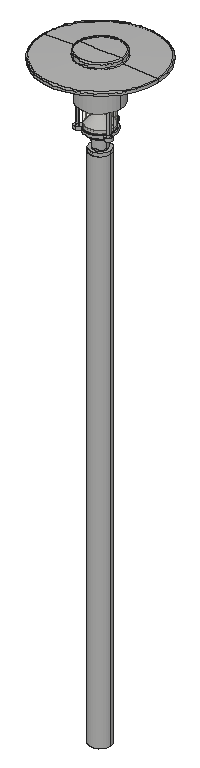
Revit family "Albertslund Mini", category Lighting Fixtures, host Face, Revit 2015
Parameters
  Width = 0 mm
  Weight (Kg) = 0
  Wattage = 96 W
  built-in parameter 1150110 = 1 (stored number, unit not read)
  Voltage (US Only) = 0 V
  Trim and Accessories = ""
  built-in parameter 1114217 = 1 (stored number, unit not read)
  Tilt Angle = -90.00°
  built-in parameter 1150109 = 1 (stored number, unit not read)
  built-in parameter 1150134 = 3
  built-in parameter 1150113 = 1 (stored number, unit not read)
  Reflector Finish = Default
  Product Documentation Link = ""
  Product Code = "x"
  Product Category = "Pendant"
  Power Factor (US Only) = 0
  Photometric Web File = "generic"
  Option = ""
  Number of Poles (US Only) = 0
  built-in parameter 1150142 = (empty or 0)
  Manufacturer = "Louis Poulsen Lighting"
  built-in parameter 1150105 = 267.38 (stored number, unit not read)
  Lumens = 3360 lm
  built-in parameter 1150115 = 1 (stored number, unit not read)
  Lighting Technique = ""
  built-in parameter 1150137 = (empty or 0)
  built-in parameter 1150139 = (empty or 0)
  Length = 0 mm
  built-in parameter 1150112 = 1 (stored number, unit not read)
  built-in parameter 1150114 = 1 (stored number, unit not read)
  Lamp = "x"
  Insulation Class (Not US) = ""
  built-in parameter 1150132 = 2
  built-in parameter 1150102 = (empty or 0)
  built-in parameter 1150107 = 3200 (stored number, unit not read)
  built-in parameter 1150138 = (empty or 0)
  built-in parameter 1150106 = 2.6738 (stored number, unit not read)
  IP (Not US) = ""
  IK (Not US - Outdoor only) = ""
  Height = 0 mm
  Efficiency (Lm/W) = ""
  built-in parameter 1150104 = 3.2516 (stored number, unit not read)
  Drawn By = "Louis Poulsen Lighting"
  Dimming Lamp Color Temperature Shift = <None>
  Designer = ""
  Description = "x"
  Default Elevation = 1000 mm
  Cut-off = "N/A"
  Color Filter = 16777215
  CRI = ""
  Build-in height = ""
  Bug Rating (US Outdoor Only) = "N/A"
  Body Finish = Louis Poulsen - ALU COL TEXT - 162
  built-in parameter 1114218 = 1 (stored number, unit not read)
  built-in parameter 1150133 = 10 (stored number, unit not read)
Reference planes
  plane 1 "Center (Front/Back)": y = 0
  plane 2: z = 0
  plane 3 "Center (Left/Right)": x = 0
  plane 4: z = 3000
Forms (mm)
  Extrusion 1, solid, material "Louis Poulsen - ALU COL TEXT - 162" <- "Body Finish"
    sketch origin (0, 0, 3106.023) x (1, 0, 0) y (0, 1, 0)
      loop
        arc (18.918, 104.261) -> (0, 121.5) -> (-18.918, 104.261) r 19
        line (-18.918, 104.261) -> (-18.918, 82.868)
        arc (-18.918, 82.868) -> (-73.612, 42.5) -> (-81.225, -25.05) r 85
        line (-81.225, -25.05) -> (-96.702, -33.986)
        arc (-96.702, -33.986) -> (-106.032, -59.184) -> (-80.834, -68.514) r 19
        line (-80.834, -68.514) -> (-62.307, -57.818)
        arc (-62.307, -57.818) -> (-0.042, -85) -> (62.25, -57.879) r 85
        line (62.25, -57.879) -> (79.268, -67.704)
        arc (79.268, -67.704) -> (105.222, -60.75) -> (98.268, -34.796) r 19
        line (98.268, -34.796) -> (81.25, -24.97)
        arc (81.25, -24.97) -> (73.591, 42.536) -> (18.918, 82.868) r 85
        line (18.918, 82.868) -> (18.918, 104.261)
      loop
        circle (0, 102.5) r 5.75
      loop
        circle (-88.768, -51.25) r 5.75
      loop
        circle (88.768, -51.25) r 5.75
    from 0 to 13
  Extrusion 2, solid, material "Louis Poulsen - ALU COL TEXT - 162" <- "Body Finish"
    sketch origin (0, 0, 3119.023) x (1, 0, 0) y (0, 1, 0)
      loop
        circle (0, 102.5) r 8
      loop
        circle (0, 102.5) r 5.75
      loop
        circle (88.768, -51.25) r 8
      loop
        circle (88.768, -51.25) r 5.75
      loop
        circle (-88.768, -51.25) r 5.75
      loop
        circle (-88.768, -51.25) r 8
    from 0 to 15
  Revolve 3, solid, material "Louis Poulsen - ALU COL TEXT - 162" <- "Body Finish"
    sketch origin (0, 0, 3015.496) x (1, 0, 0) y (0, 0, 1)
      loop
        line (327.892, 441.008) -> (327.892, 455.249)
        arc (327.892, 455.249) -> (326.48, 458.659) -> (323.07, 460.071) r 4.822
        line (323.07, 460.071) -> (129.218, 466.841)
        arc (129.218, 466.841) -> (127.408, 467.745) -> (126.904, 469.705) r 2.437
        line (126.904, 469.705) -> (126.242, 488.653)
        arc (126.242, 488.653) -> (124.838, 492.045) -> (121.446, 493.449) r 4.796
        line (121.446, 493.449) -> (0, 494.509) -> (0, 491.509) -> (121.437, 490.449)
        arc (121.437, 490.449) -> (122.727, 489.913) -> (123.242, 488.614) r 1.796
        line (123.242, 488.614) -> (123.897, 469.855)
        arc (123.897, 469.855) -> (125.197, 465.713) -> (129.113, 463.843) r 5.437
        line (129.113, 463.843) -> (323.03, 457.071)
        arc (323.03, 457.071) -> (324.344, 456.552) -> (324.892, 455.249) r 1.822
        line (324.892, 455.249) -> (324.892, 441.008) -> (327.892, 441.008)
      axis (0, 441.008) -> (0, 494.509)
    angle from 0 to 360
  Revolve 4, solid, material "Louis Poulsen - ALU COL TEXT - 162" <- "Body Finish"
    sketch origin (0, 0, 3015.496) x (1, 0, 0) y (0, 0, 1)
      loop
        line (113.3, 233.777) -> (117, 233.777) -> (117, 329.777) -> (72.1, 329.777) -> (72.1, 336.093) -> (69.9, 336.093) -> (69.9, 301.277) -> (60, 301.277) -> (60, 283.277) -> (71.5, 283.277) -> (71.5, 253.777) -> (113.3, 253.777) -> (113.3, 233.777)
      axis (0, 233.777) -> (0, 336.093)
    angle from 0 to 360
  Extrusion 5, solid, material "Louis Poulsen - ALU COL TEXT - 162" <- "Body Finish"
    sketch origin (0, 0, 3134.023) x (1, 0, 0) y (0, 1, 0)
      loop
        circle (0, 102.5) r 5.75
      loop
        circle (0, 102.5) r 8
      loop
        circle (-88.768, -51.25) r 5.75
      loop
        circle (-88.768, -51.25) r 8
      loop
        circle (88.768, -51.25) r 5.75
      loop
        circle (88.768, -51.25) r 8
    from 1 to 338.544
  Revolve 6, solid, material "Louis Poulsen - ALU COL TEXT - 162" <- "Body Finish"
    sketch origin (0, 0, 3015.496) x (1, 0, 0) y (0, 0, 1)
      loop
        line (74.9, 103.527) -> (74.9, 122.939) -> (20, 183.227) -> (0, 183.227) -> (0, 181.727) -> (19.337, 181.727) -> (73.4, 122.359) -> (73.4, 103.527) -> (74.9, 103.527)
      axis (0, 103.527) -> (0, 183.227)
    angle from 0 to 360
  Revolve 7, solid, material "Louis Poulsen - ALU COL TEXT - 162" <- "Body Finish"
    sketch origin (0, 0, 3015.496) x (1, 0, 0) y (0, 0, 1)
      loop
        line (71, 457.071) -> (71, 444.851) -> (16, 392.851) -> (0, 392.851) -> (0, 391.351) -> (16.597, 391.351) -> (72.5, 444.205) -> (72.5, 457.071) -> (71, 457.071)
      axis (0, 391.351) -> (0, 457.071)
    angle from 0 to 360
  Revolve 8, solid, material "Louis Poulsen glass"
    sketch origin (0, 0, 3015.496) x (1, 0, 0) y (0, 0, 1)
      loop
        line (75.75, 331.819) -> (77.22, 462.493) -> (80.875, 462.493) -> (80.875, 465.497) -> (75.284, 465.497) -> (72.951, 331.819) -> (75.75, 331.819)
      loop
        line (79.202, 105.728) -> (79.202, 258.665) -> (76.202, 258.665) -> (76.202, 105.728) -> (79.202, 105.728)
      axis (0, 465.497) -> (0, 105.728)
    angle from 0 to 360
  Revolve 9, solid, material "Louis Poulsen - ALU COL TEXT - 162" <- "Body Finish"
    sketch origin (0, 0, 3015.496) x (1, 0, 0) y (0, 0, 1)
      loop
        line (0, 0) -> (35.578, 0) -> (37.895, 6.366) -> (40.077, 68.846)
        arc (40.077, 68.846) -> (40.478, 70.044) -> (41.467, 70.83) r 2.225
        line (41.467, 70.83) -> (66.866, 75.768)
        arc (66.866, 75.768) -> (68.257, 76.344) -> (68.833, 77.735) r 1.967
        line (68.833, 77.735) -> (68.833, 90.527) -> (0, 90.527) -> (0, 0)
      axis (0, 90.527) -> (0, 0)
    angle from 0 to 360
  Extrusion 10, solid, material "Louis Poulsen - ALU COL TEXT - 162" <- "Body Finish"
    sketch origin (0, 0, 0) x (1, 0, 0) y (0, 1, 0)
      loop
        circle (0, 0) r 57.5
    from 0 to 3000
  Extrusion 11, solid, material "Louis Poulsen - ALU COL TEXT - 162" <- "Body Finish"
    sketch origin (-1524, -4572, 3000) x (-1, 0, 0) y (0, -1, 0)
      loop
        circle (-1524, -4572) r 57.5
    from 0 to 15.5
Cuts and joins
  joined: Extrusion 1, Extrusion 2, Revolve 4, Extrusion 5
Dimensions and locks
  locked: Revolve 4 sketch curve to Revolve 4 sketch curve at 49.5
  locked: Revolve 4 sketch curve to plane 3 "Center (Left/Right)" at 72.1
  locked: Revolve 6 sketch curve to cut or joined group of Extrusion 1, Extrusion 2, Revolve 4, Extrusion 5 at 79.7
  Revolve 6 sketch curve to Revolve 6 sketch curve = 1.5 mm
  locked: plane 3 "Center (Left/Right)" to Revolve 7 sketch curve at 71
  Revolve 7 sketch curve to plane 3 "Center (Left/Right)" = 16 mm
  locked: Revolve 6 sketch curve to plane 3 "Center (Left/Right)" at 73.4
  locked: Revolve 6 sketch curve to Revolve 6 sketch curve at 1.5
  plane 2 to plane 4 to cut or joined group of Extrusion 1, Extrusion 2, Revolve 4, Extrusion 5 = 3000 mm, 106.023 mm
  locked: Revolve 9 to plane 4 at 106.023
  locked: cut or joined group of Extrusion 1, Extrusion 2, Revolve 4, Extrusion 5 to plane 4 at 345.273
  locked: Revolve 8 to plane 4 at 480.993
  locked: cut or joined group of Extrusion 1, Extrusion 2, Revolve 4, Extrusion 5 to plane 4 at 472.567
  locked: cut or joined group of Extrusion 1, Extrusion 2, Revolve 4, Extrusion 5 to plane 4 at 134.023
  locked: Revolve 6 to plane 4 at 198.723
  locked: cut or joined group of Extrusion 1, Extrusion 2, Revolve 4, Extrusion 5 to plane 4 at 119.023
  locked: cut or joined group of Extrusion 1, Extrusion 2, Revolve 4, Extrusion 5 to plane 4 at 106.023
  locked: Revolve 3 to plane 4 at 456.504
  locked: Revolve 7 to plane 4 at 406.847
  locked: imposter light to plane 4 at 307.654
  aligned and locked: plane 2 to host face
  aligned and locked: level to host face
  aligned and locked: Revolve 3 sketch curve to Revolve 3 sketch curve
  aligned and locked: plane 3 "Center (Left/Right)" to Revolve 3 sketch curve
  aligned and locked: Revolve 6 sketch curve to plane 3 "Center (Left/Right)"
  aligned and locked: cut or joined group of Extrusion 1, Extrusion 2, Revolve 4, Extrusion 5 to Revolve 6 sketch curve
  aligned and locked: plane 3 "Center (Left/Right)" to Revolve 6 sketch curve
  aligned and locked: plane 3 "Center (Left/Right)" to Revolve 7 sketch curve
  aligned and locked: Revolve 3 to Revolve 7 sketch curve  (x2)
  aligned and locked: Revolve 7 sketch curve to plane 3 "Center (Left/Right)"
  aligned and locked: Revolve 8 sketch curve to plane 3 "Center (Left/Right)"
  aligned and locked: plane 3 "Center (Left/Right)" to Revolve 4 sketch curve
  aligned and locked: imposter light to plane 1 "Center (Front/Back)"
  aligned and locked: plane 3 "Center (Left/Right)" to imposter light
  aligned and locked: Extrusion 10 to level
  aligned and locked: plane 4 to Extrusion 10
Nested families
  nested 1: "LP-Revit-Annotation" at (0, 0, 0), type "LP-Revit-Annotation"
Connectors
  electrical at (-1.041, 0.415, 0)
    settings: on host face, index 1, voltage 0 V, apparent load 0 VA, apparent load phase1 0 VA, apparent load phase2 0 VA, apparent load phase3 0 VA, power factor 1, load classification "Other", number of poles 1, system type 31, power factor state 1, is connector primary yes, connector utility no, sub classification motor no, connector description ""
Definition of nested family "LP-Revit-Annotation"
  Reference planes
    plane 1: y = 0
    plane 2: x = 0
  Lines and regions (mm)
    detail lines
      curve 1: circle (0, 0, 0) r 20 normal (0, 0, 1)
      curve 2: line (-14.142, -14.142, 0) -> (14.142, 14.142, 0)
      curve 3: line (-14.142, 14.142, 0) -> (14.142, -14.142, 0)
